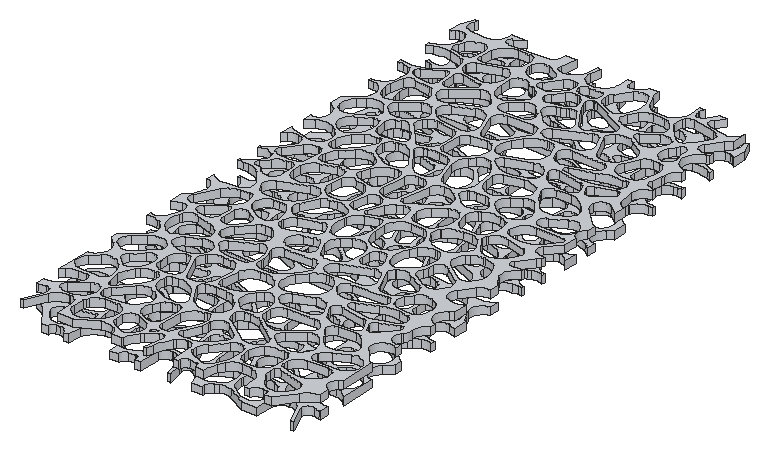
Revit family "Fam4", category Generic Models, Revit 2021 (continued)
Forms (mm)
  Extrusion 2, solid, material <- "Material"
    sketch origin (-50371.083, 4143.12, 500) x (-1, 0, 0) y (0, -1, 0)
      loop
        arc (-54717.318, -2759.906) -> (-54414.376, -2945.549) -> (-54442.253, -3299.753) r 340
        line (-54442.253, -3299.753) -> (-54743.005, -3713.703)
        arc (-54743.005, -3713.703) -> (-54909.763, -3846.555) -> (-55121.083, -3874.863) r 400
        line (-55121.083, -3874.863) -> (-55121.083, -4167.387)
        arc (-55121.083, -4167.387) -> (-55056.138, -4233.5) -> (-55000.785, -4307.83) r 680
        line (-55000.785, -4307.83) -> (-54870.035, -4510.968)
        arc (-54870.035, -4510.968) -> (-54828.629, -4905.176) -> (-55121.083, -5172.729) r 440
        line (-55121.083, -5172.729) -> (-55121.083, -5249.753) -> (-54804.166, -5193.872)
        arc (-54804.166, -5193.872) -> (-54639.959, -5267.842) -> (-54648.6, -5447.732) r 160
        line (-54648.6, -5447.732) -> (-54991.292, -5902.5)
        arc (-54991.292, -5902.5) -> (-55050.443, -5966.625) -> (-55121.083, -6017.819) r 440
        line (-55121.083, -6017.819) -> (-55121.083, -6112.165)
        arc (-55121.083, -6112.165) -> (-55057.66, -6111.765) -> (-54995.054, -6121.92) r 380
        line (-54995.054, -6121.92) -> (-54870.219, -6153.045)
        arc (-54870.219, -6153.045) -> (-54700.027, -6311.752) -> (-54744.43, -6540.185) r 240
        line (-54744.43, -6540.185) -> (-55121.083, -6989.063) -> (-55121.083, -7418.219)
        arc (-55121.083, -7418.219) -> (-54984.611, -7669.732) -> (-55121.083, -7921.245) r 300
        line (-55121.083, -7921.245) -> (-55121.083, -8214.911)
        arc (-55121.083, -8214.911) -> (-55041.862, -8244.788) -> (-54974.144, -8295.61) r 300
        line (-54974.144, -8295.61) -> (-54478.763, -8790.991)
        arc (-54478.763, -8790.991) -> (-54376.313, -8939.457) -> (-54333.213, -9114.615) r 500
        arc (-54333.213, -9114.615) -> (-54469.82, -9359.283) -> (-54749.218, -9337.824) r 260
        line (-54749.218, -9337.824) -> (-55121.083, -9057.603) -> (-55121.083, -9476.657)
        arc (-55121.083, -9476.657) -> (-54958.516, -9509.957) -> (-54865.457, -9647.351) r 220
        line (-54865.457, -9647.351) -> (-54753.946, -10174.082)
        arc (-54753.946, -10174.082) -> (-54829.039, -10490.247) -> (-55121.083, -10632.757) r 380
        line (-55121.083, -10632.757) -> (-55121.083, -10732.785) -> (-55014.369, -10732.785)
        arc (-55014.369, -10732.785) -> (-54829.179, -10820.126) -> (-54778.778, -11018.579) r 240
        line (-54778.778, -11018.579) -> (-54847.473, -11371.985)
        arc (-54847.473, -11371.985) -> (-54855.819, -11430.932) -> (-54858.078, -11490.425) r 580
        arc (-54858.078, -11490.425) -> (-54929.27, -11717.01) -> (-55121.083, -11857.07) r 380
        line (-55121.083, -11857.07) -> (-55121.083, -11995.258)
        arc (-55121.083, -11995.258) -> (-54649.518, -12448.551) -> (-54994.323, -13004.391) r 520
        line (-54994.323, -13004.391) -> (-55121.083, -13048.571) -> (-55121.083, -13154.471) -> (-54886.686, -13072.776)
        arc (-54886.686, -13072.776) -> (-54639.322, -13147.143) -> (-54633.138, -13405.369) r 220
        line (-54633.138, -13405.369) -> (-54934.605, -13842.762)
        arc (-54934.605, -13842.762) -> (-55019.016, -13942.986) -> (-55121.083, -14025.159) r 680
        line (-55121.083, -14025.159) -> (-55121.083, -14481.957) -> (-55035.596, -14298.628)
        arc (-55035.596, -14298.628) -> (-54908.947, -14167.479) -> (-54728.403, -14142.106) r 280
        line (-54728.403, -14142.106) -> (-54135.76, -14257.304)
        arc (-54135.76, -14257.304) -> (-53987.838, -14380.329) -> (-54012.118, -14571.186) r 200
        line (-54012.118, -14571.186) -> (-54222.279, -14860.448) -> (-53989.265, -14860.448)
        arc (-53989.265, -14860.448) -> (-53983.72, -14849.728) -> (-53977.126, -14839.619) r 120
        line (-53977.126, -14839.619) -> (-53716.677, -14481.142)
        arc (-53716.677, -14481.142) -> (-53593.863, -14423.759) -> (-53480.004, -14497.327) r 140
        arc (-53480.004, -14497.327) -> (-53457.699, -14550.829) -> (-53446.099, -14607.622) r 300
        line (-53446.099, -14607.622) -> (-53438.838, -14676.704)
        arc (-53438.838, -14676.704) -> (-53442.971, -14771.248) -> (-53474.575, -14860.448) r 320
        line (-53474.575, -14860.448) -> (-53318.975, -14860.448) -> (-53337.451, -14684.663)
        arc (-53337.451, -14684.663) -> (-53341.388, -14488.556) -> (-53312.227, -14294.589) r 1160
        arc (-53312.227, -14294.589) -> (-53143.047, -14032.229) -> (-52846.749, -13933.935) r 469.549
        line (-52846.749, -13933.935) -> (-52580.89, -13938.869)
        arc (-52580.89, -13938.869) -> (-52369.036, -14000.808) -> (-52217.845, -14161.618) r 420
        line (-52217.845, -14161.618) -> (-52039.414, -14497.198)
        arc (-52039.414, -14497.198) -> (-51968.448, -14673.338) -> (-51936.021, -14860.448) r 900
        line (-51936.021, -14860.448) -> (-51661.655, -14860.448)
        arc (-51661.655, -14860.448) -> (-51636.822, -14784.124) -> (-51581.281, -14726.182) r 180
        line (-51581.281, -14726.182) -> (-51322.376, -14555.921)
        arc (-51322.376, -14555.921) -> (-51179.004, -14549.668) -> (-51105.452, -14672.894) r 140
        line (-51105.452, -14672.894) -> (-51105.452, -14860.448) -> (-50916.657, -14860.448) -> (-50916.657, -14518.201)
        arc (-50916.657, -14518.201) -> (-50770.21, -14164.648) -> (-50416.657, -14018.201) r 500
        line (-50416.657, -14018.201) -> (-50344.853, -14018.201)
        arc (-50344.853, -14018.201) -> (-50037.031, -14162.768) -> (-49951.714, -14491.971) r 400
        line (-49951.714, -14491.971) -> (-50020.857, -14860.448) -> (-49919.111, -14860.448) -> (-49857.197, -14530.489)
        arc (-49857.197, -14530.489) -> (-49671.294, -14214.52) -> (-49326.459, -14090.079) r 540
        line (-49326.459, -14090.079) -> (-49286.111, -14090.079)
        arc (-49286.111, -14090.079) -> (-49148.684, -14153.83) -> (-49108.603, -14299.926) r 180
        line (-49108.603, -14299.926) -> (-49202.851, -14860.448) -> (-48844.274, -14860.448) -> (-48844.274, -14698.406)
        arc (-48844.274, -14698.406) -> (-48772.44, -14518.98) -> (-48596.631, -14438.699) r 260
        line (-48596.631, -14438.699) -> (-47304.293, -14377.213)
        arc (-47304.293, -14377.213) -> (-47142.781, -14493.301) -> (-47219.119, -14676.972) r 160
        line (-47219.119, -14676.972) -> (-47550.119, -14860.448) -> (-47039.703, -14860.448) -> (-47039.703, -14669.304)
        arc (-47039.703, -14669.304) -> (-46934.261, -14414.745) -> (-46679.703, -14309.304) r 360
        line (-46679.703, -14309.304) -> (-46121.817, -14309.304)
        arc (-46121.817, -14309.304) -> (-45868.8, -14448.114) -> (-45849.925, -14736.089) r 300
        line (-45849.925, -14736.089) -> (-45907.914, -14860.448) -> (-45797.577, -14860.448) -> (-45621.083, -14481.957) -> (-45621.083, -14025.159)
        arc (-45621.083, -14025.159) -> (-45683.991, -14061.829) -> (-45750.46, -14091.563) r 680
      loop
        arc (-46843.388, -11467.071) -> (-47061.082, -11536.816) -> (-47139.56, -11751.516) r 260
        line (-47139.56, -11751.516) -> (-47097.032, -12156.143)
        arc (-47097.032, -12156.143) -> (-47020.948, -12266.458) -> (-46887.005, -12262.29) r 140
        line (-46887.005, -12262.29) -> (-46318.956, -11929.335)
        arc (-46318.956, -11929.335) -> (-46247.637, -11840.566) -> (-46253.421, -11726.843) r 160
        line (-46253.421, -11726.843) -> (-46268.169, -11693.337)
        arc (-46268.169, -11693.337) -> (-46361.04, -11575.483) -> (-46499.368, -11517.345) r 300
        line (-46499.368, -11517.345) -> (-46843.388, -11467.071)
      loop
        arc (-48065.558, -12028.044) -> (-48119.098, -12175.222) -> (-48002.657, -12279.957) r 140
        line (-48002.657, -12279.957) -> (-47375.04, -12367.725)
        arc (-47375.04, -12367.725) -> (-47241.696, -12324.323) -> (-47193.757, -12192.542) r 160
        line (-47193.757, -12192.542) -> (-47239.081, -11761.312)
        arc (-47239.081, -11761.312) -> (-47344.883, -11615.689) -> (-47523.897, -11634.504) r 180
        line (-47523.897, -11634.504) -> (-48065.558, -12028.044)
      loop
        arc (-46274.435, -10382.028) -> (-46504.068, -10144.125) -> (-46830.946, -10193.923) r 360
        line (-46830.946, -10193.923) -> (-47334.424, -10559.721)
        arc (-47334.424, -10559.721) -> (-47480.138, -10807.094) -> (-47398.598, -11082.371) r 360
        line (-47398.598, -11082.371) -> (-47273.453, -11231.513)
        arc (-47273.453, -11231.513) -> (-47195.378, -11296.052) -> (-47099.449, -11328.589) r 280
        line (-47099.449, -11328.589) -> (-46563.774, -11406.871)
        arc (-46563.774, -11406.871) -> (-46391.407, -11365.987) -> (-46294.042, -11217.994) r 240
        line (-46294.042, -11217.994) -> (-46207.852, -10801.193)
        arc (-46207.852, -10801.193) -> (-46198.556, -10685.657) -> (-46217.818, -10571.36) r 470
        line (-46217.818, -10571.36) -> (-46274.435, -10382.028)
      loop
        arc (-47546.682, -11527.452) -> (-47433.349, -11335.051) -> (-47496.769, -11120.947) r 280
        line (-47496.769, -11120.947) -> (-47599.004, -10999.108)
        arc (-47599.004, -10999.108) -> (-47749.663, -10906.462) -> (-47925.791, -10922.593) r 280
        line (-47925.791, -10922.593) -> (-48785.506, -11298.98)
        arc (-48785.506, -11298.98) -> (-48934.385, -11477.881) -> (-48880.403, -11704.279) r 260
        line (-48880.403, -11704.279) -> (-48647.267, -11982.12)
        arc (-48647.267, -11982.12) -> (-48454.014, -12087.048) -> (-48241.118, -12031.989) r 300
        line (-48241.118, -12031.989) -> (-47546.682, -11527.452)
      loop
        arc (-48934.099, -13144.946) -> (-48643.05, -13154.024) -> (-48501.326, -12899.649) r 280
        line (-48501.326, -12899.649) -> (-48514.797, -12550.112)
        arc (-48514.797, -12550.112) -> (-48566.532, -12299.308) -> (-48696.704, -12078.776) r 780
        line (-48696.704, -12078.776) -> (-48700.782, -12073.916)
        arc (-48700.782, -12073.916) -> (-48931.604, -11953.757) -> (-49179.785, -12032.008) r 340
        line (-49179.785, -12032.008) -> (-49417.056, -12231.103)
        arc (-49417.056, -12231.103) -> (-49564.978, -12657.918) -> (-49258.897, -12990.132) r 440
        line (-49258.897, -12990.132) -> (-49212.038, -13003.976)
        arc (-49212.038, -13003.976) -> (-49102.611, -13045.159) -> (-49000.303, -13101.759) r 805
        line (-49000.303, -13101.759) -> (-48934.099, -13144.946)
      loop
        arc (-49991.175, -12189.181) -> (-49777.067, -12288.872) -> (-49552.891, -12214.54) r 320
        line (-49552.891, -12214.54) -> (-49224.004, -11938.571)
        arc (-49224.004, -11938.571) -> (-49148.991, -11644.693) -> (-49403.485, -11479.694) r 260
        line (-49403.485, -11479.694) -> (-50042.109, -11510.078)
        arc (-50042.109, -11510.078) -> (-50270.906, -11672.599) -> (-50218.734, -11948.351) r 260
        line (-50218.734, -11948.351) -> (-49991.175, -12189.181)
      loop
        arc (-48466.589, -13800.968) -> (-48526.062, -13591.856) -> (-48674.923, -13433.41) r 460
        line (-48674.923, -13433.41) -> (-48690.962, -13422.947)
        arc (-48690.962, -13422.947) -> (-48989.328, -13360.407) -> (-49251.398, -13516.14) r 420
        line (-49251.398, -13516.14) -> (-49313.712, -13595.899)
        arc (-49313.712, -13595.899) -> (-49359.97, -13823.264) -> (-49206.227, -13997.039) r 260
        line (-49206.227, -13997.039) -> (-48848.567, -14141.542)
        arc (-48848.567, -14141.542) -> (-48582.661, -14111.003) -> (-48463.885, -13871.148) r 280
        line (-48463.885, -13871.148) -> (-48466.589, -13800.968)
      loop
        arc (-50940.524, -13797.813) -> (-50905.514, -13882.917) -> (-50820.524, -13918.201) r 120
        line (-50820.524, -13918.201) -> (-50374.041, -13918.201)
        arc (-50374.041, -13918.201) -> (-50240.275, -13858.645) -> (-50195.027, -13719.386) r 180
        line (-50195.027, -13719.386) -> (-50197.567, -13695.22)
        arc (-50197.567, -13695.22) -> (-50253.169, -13570.676) -> (-50371.493, -13502.84) r 220
        line (-50371.493, -13502.84) -> (-50546.042, -13466.476)
        arc (-50546.042, -13466.476) -> (-50666.842, -13456.622) -> (-50786.365, -13476.718) r 490
        line (-50786.365, -13476.718) -> (-50797.415, -13480.023)
        arc (-50797.415, -13480.023) -> (-50900.327, -13551.923) -> (-50940.114, -13670.992) r 200
        line (-50940.114, -13670.992) -> (-50940.524, -13797.813)
      loop
        arc (-50016.803, -13387.003) -> (-50086.316, -13518.509) -> (-50100.022, -13666.624) r 380
        line (-50100.022, -13666.624) -> (-50090.522, -13757.016)
        arc (-50090.522, -13757.016) -> (-50031.951, -13871.967) -> (-49911.508, -13918.201) r 180
        line (-49911.508, -13918.201) -> (-49838.743, -13918.201)
        arc (-49838.743, -13918.201) -> (-49707.232, -13887.839) -> (-49602.34, -13802.9) r 300
        line (-49602.34, -13802.9) -> (-49251.087, -13353.316)
        arc (-49251.087, -13353.316) -> (-49221.517, -13187.561) -> (-49341.929, -13069.874) r 180
        line (-49341.929, -13069.874) -> (-49422.444, -13046.086)
        arc (-49422.444, -13046.086) -> (-49654.038, -13047.577) -> (-49845.987, -13177.168) r 400
        line (-49845.987, -13177.168) -> (-50016.803, -13387.003)
      loop
        arc (-50629.34, -12660.704) -> (-50562.628, -12622.666) -> (-50490.05, -12597.571) r 415
        line (-50490.05, -12597.571) -> (-50350.699, -12563.433)
        arc (-50350.699, -12563.433) -> (-50148.754, -12370.666) -> (-50213.804, -12099.172) r 280
        line (-50213.804, -12099.172) -> (-50458.032, -11840.7)
        arc (-50458.032, -11840.7) -> (-50753.074, -11680.438) -> (-51085.793, -11725.513) r 540
        line (-51085.793, -11725.513) -> (-51258.123, -11808.924)
        arc (-51258.123, -11808.924) -> (-51375.185, -11951.544) -> (-51342.489, -12133.135) r 220
        line (-51342.489, -12133.135) -> (-50989.048, -12637.9)
        arc (-50989.048, -12637.9) -> (-50843.81, -12730.427) -> (-50675.685, -12693.155) r 225
        line (-50675.685, -12693.155) -> (-50629.34, -12660.704)
      loop
        arc (-50863.377, -13046.355) -> (-50923.407, -12919.693) -> (-50997.239, -12800.547) r 1250
        line (-50997.239, -12800.547) -> (-51435.344, -12174.869)
        arc (-51435.344, -12174.869) -> (-51605.539, -12056.611) -> (-51811.79, -12076.91) r 300
        line (-51811.79, -12076.91) -> (-52013.069, -12174.334)
        arc (-52013.069, -12174.334) -> (-52174.137, -12269.668) -> (-52317.079, -12390.493) r 1120
        line (-52317.079, -12390.493) -> (-52322.593, -12396.008)
        arc (-52322.593, -12396.008) -> (-52395.18, -12622.768) -> (-52252.722, -12813.542) r 260
        line (-52252.722, -12813.542) -> (-51044.785, -13402.692)
        arc (-51044.785, -13402.692) -> (-50984.119, -13419.331) -> (-50921.556, -13412.771) r 170
        line (-50921.556, -13412.771) -> (-50905.502, -13407.97)
        arc (-50905.502, -13407.97) -> (-50807.054, -13323.82) -> (-50803.144, -13194.368) r 160
        line (-50803.144, -13194.368) -> (-50863.377, -13046.355)
      loop
        arc (-52060.235, -13377.029) -> (-52032.404, -13138.871) -> (-52187.953, -12956.392) r 300
        line (-52187.953, -12956.392) -> (-52231.558, -12935.124)
        arc (-52231.558, -12935.124) -> (-52653.483, -12851.829) -> (-53061.334, -12988.273) r 840
        line (-53061.334, -12988.273) -> (-53284.834, -13135.251)
        arc (-53284.834, -13135.251) -> (-53415.13, -13332.086) -> (-53362.702, -13562.244) r 300
        line (-53362.702, -13562.244) -> (-53298.441, -13650.692)
        arc (-53298.441, -13650.692) -> (-53145.858, -13782.239) -> (-52950.637, -13831.99) r 440
        line (-52950.637, -13831.99) -> (-52566.773, -13839.114)
        arc (-52566.773, -13839.114) -> (-52363.244, -13787.811) -> (-52213.713, -13640.514) r 400
        line (-52213.713, -13640.514) -> (-52060.235, -13377.029)
      loop
        arc (-51040.385, -13754.779) -> (-51097.8, -13552.702) -> (-51253.802, -13412.008) r 380
        line (-51253.802, -13412.008) -> (-51573.784, -13255.942)
        arc (-51573.784, -13255.942) -> (-51777.877, -13239.682) -> (-51938.475, -13366.673) r 280
        line (-51938.475, -13366.673) -> (-52027.681, -13519.818)
        arc (-52027.681, -13519.818) -> (-52133.54, -13897.301) -> (-52042.386, -14278.603) r 780
        line (-52042.386, -14278.603) -> (-51986.344, -14384.002)
        arc (-51986.344, -14384.002) -> (-51715.775, -14563.088) -> (-51418.218, -14433.706) r 340
        line (-51418.218, -14433.706) -> (-51097.956, -14023.789)
        arc (-51097.956, -14023.789) -> (-51055.571, -13945.877) -> (-51040.72, -13858.434) r 270
        line (-51040.72, -13858.434) -> (-51040.385, -13754.779)
      loop
        arc (-53916.472, -13125.766) -> (-54051.814, -13083.741) -> (-54181.026, -13141.947) r 200
        line (-54181.026, -13141.947) -> (-54231.633, -13192.554)
        arc (-54231.633, -13192.554) -> (-54314.096, -13282.881) -> (-54388.013, -13380.326) r 1345
        line (-54388.013, -13380.326) -> (-54627.269, -13727.459)
        arc (-54627.269, -13727.459) -> (-54656.592, -13839.377) -> (-54607.503, -13944.142) r 170
        line (-54607.503, -13944.142) -> (-54536.882, -14014.764)
        arc (-54536.882, -14014.764) -> (-54451.333, -14078.066) -> (-54351.014, -14113.591) r 360
        line (-54351.014, -14113.591) -> (-53602.211, -14259.144)
        arc (-53602.211, -14259.144) -> (-53474.81, -14241.805) -> (-53384.29, -14150.492) r 200
        line (-53384.29, -14150.492) -> (-53353.693, -14087.758)
        arc (-53353.693, -14087.758) -> (-53316.681, -13888.058) -> (-53387.808, -13697.819) r 380
        line (-53387.808, -13697.819) -> (-53548.453, -13476.71)
        arc (-53548.453, -13476.71) -> (-53664.136, -13338.844) -> (-53797.881, -13218.419) r 1290
        line (-53797.881, -13218.419) -> (-53916.472, -13125.766)
      loop
        arc (-52949.018, -12794.726) -> (-52885.993, -12673.955) -> (-52955.476, -12556.779) r 140
        line (-52955.476, -12556.779) -> (-53220.219, -12402.568)
        arc (-53220.219, -12402.568) -> (-53523.591, -12361.44) -> (-53767.189, -12546.875) r 400
        line (-53767.189, -12546.875) -> (-53889.398, -12756.679)
        arc (-53889.398, -12756.679) -> (-53917.694, -12922.818) -> (-53829.774, -13066.6) r 240
        line (-53829.774, -13066.6) -> (-53819.773, -13074.414)
        arc (-53819.773, -13074.414) -> (-53612.803, -13150.431) -> (-53400.33, -13091.518) r 360
        line (-53400.33, -13091.518) -> (-52949.018, -12794.726)
      loop
        arc (-53032.85, -12395.982) -> (-52750.867, -12469.274) -> (-52471.848, -12385.398) r 540
        arc (-52471.848, -12385.398) -> (-52351.107, -12220.506) -> (-52374.581, -12017.487) r 280
        line (-52374.581, -12017.487) -> (-52783.473, -11248.473)
        arc (-52783.473, -11248.473) -> (-52886.488, -11139.918) -> (-53030.698, -11099.925) r 280
        line (-53030.698, -11099.925) -> (-53103.35, -11099.925)
        arc (-53103.35, -11099.925) -> (-53347.112, -11169.823) -> (-53516.795, -11358.274) r 460
        line (-53516.795, -11358.274) -> (-53624.697, -11579.506)
        arc (-53624.697, -11579.506) -> (-53650.249, -11900.223) -> (-53450.692, -12152.592) r 440
        line (-53450.692, -12152.592) -> (-53032.85, -12395.982)
      loop
        arc (-50994.611, -11570.281) -> (-50872.223, -11400.061) -> (-50948.023, -11204.591) r 220
        arc (-50948.023, -11204.591) -> (-51081.149, -11126.919) -> (-51232.894, -11099.925) r 440
        line (-51232.894, -11099.925) -> (-52116.774, -11099.925)
        arc (-52116.774, -11099.925) -> (-52442.498, -11284.21) -> (-52452.294, -11658.324) r 380
        line (-52452.294, -11658.324) -> (-52308.685, -11928.413)
        arc (-52308.685, -11928.413) -> (-52159.835, -12053.504) -> (-51965.845, -12040.378) r 260
        line (-51965.845, -12040.378) -> (-50994.611, -11570.281)
      loop
        arc (-50775.152, -11239.457) -> (-50650.702, -11382.628) -> (-50467.059, -11430.183) r 320
        line (-50467.059, -11430.183) -> (-49643.494, -11391)
        arc (-49643.494, -11391) -> (-49422.298, -11264.316) -> (-49395.453, -11010.829) r 280
        line (-49395.453, -11010.829) -> (-49684.02, -10260.32)
        arc (-49684.02, -10260.32) -> (-49787.144, -10139.121) -> (-49943.417, -10109.074) r 240
        line (-49943.417, -10109.074) -> (-50022.735, -10120.898)
        arc (-50022.735, -10120.898) -> (-50242.543, -10203.429) -> (-50409.198, -10368.817) r 560
        line (-50409.198, -10368.817) -> (-50773.687, -10927.567)
        arc (-50773.687, -10927.567) -> (-50818.239, -11057.7) -> (-50795.447, -11193.346) r 280
        line (-50795.447, -11193.346) -> (-50775.152, -11239.457)
      loop
        arc (-49121.907, -10045.104) -> (-49432.968, -10172.071) -> (-49483.079, -10504.288) r 340
        line (-49483.079, -10504.288) -> (-49314.731, -10942.128)
        arc (-49314.731, -10942.128) -> (-49084.535, -11178.97) -> (-48754.268, -11176.141) r 420
        line (-48754.268, -11176.141) -> (-48160.793, -10916.314)
        arc (-48160.793, -10916.314) -> (-47980.292, -10706.959) -> (-48030.244, -10435.085) r 320
        line (-48030.244, -10435.085) -> (-48097.678, -10342.271)
        arc (-48097.678, -10342.271) -> (-48252.864, -10200.808) -> (-48451.346, -10132.257) r 520
        line (-48451.346, -10132.257) -> (-49121.907, -10045.104)
      loop
        arc (-46982.307, -10180.287) -> (-46877.07, -10001.628) -> (-46935.96, -9802.817) r 260
        line (-46935.96, -9802.817) -> (-47024.909, -9696.812)
        arc (-47024.909, -9696.812) -> (-47301.022, -9534.169) -> (-47617.957, -9581.535) r 480
        line (-47617.957, -9581.535) -> (-47656.763, -9602.169)
        arc (-47656.763, -9602.169) -> (-47804.34, -9702.65) -> (-47926.672, -9832.69) r 820
        line (-47926.672, -9832.69) -> (-48014.608, -9949.383)
        arc (-48014.608, -9949.383) -> (-48070.981, -10115.448) -> (-48017.517, -10282.473) r 280
        line (-48017.517, -10282.473) -> (-47896.545, -10448.977)
        arc (-47896.545, -10448.977) -> (-47687.718, -10576.946) -> (-47449.568, -10519.771) r 320
        line (-47449.568, -10519.771) -> (-46982.307, -10180.287)
      loop
        arc (-46001.78, -9641.468) -> (-45848.041, -9377.406) -> (-45876.663, -9073.192) r 500
        arc (-45876.663, -9073.192) -> (-46076.219, -8886.288) -> (-46348.868, -8906.749) r 340
        line (-46348.868, -8906.749) -> (-46879.193, -9188.728)
        arc (-46879.193, -9188.728) -> (-47022.597, -9382.526) -> (-46962.234, -9615.933) r 280
        line (-46962.234, -9615.933) -> (-46842.865, -9758.191)
        arc (-46842.865, -9758.191) -> (-46522.573, -9921.388) -> (-46182.685, -9804.355) r 460
        line (-46182.685, -9804.355) -> (-46001.78, -9641.468)
      loop
        arc (-46597.52, -8925.702) -> (-46353.935, -8540.083) -> (-46562.152, -8134.273) r 460
        line (-46562.152, -8134.273) -> (-46604.418, -8106.701)
        arc (-46604.418, -8106.701) -> (-46851.368, -8047.012) -> (-47080.735, -8156.27) r 380
        line (-47080.735, -8156.27) -> (-47110.819, -8186.353)
        arc (-47110.819, -8186.353) -> (-47297, -8499.151) -> (-47311.514, -8862.876) r 740
        line (-47311.514, -8862.876) -> (-47287.838, -8974.711)
        arc (-47287.838, -8974.711) -> (-47165.666, -9128.496) -> (-46969.325, -9123.394) r 220
        line (-46969.325, -9123.394) -> (-46597.52, -8925.702)
      loop
        arc (-47492.039, -9401.326) -> (-47378.506, -9281.737) -> (-47359.739, -9117.911) r 260
        line (-47359.739, -9117.911) -> (-47442.705, -8726.014)
        arc (-47442.705, -8726.014) -> (-47540.335, -8566.477) -> (-47716.633, -8504.005) r 280
        line (-47716.633, -8504.005) -> (-47799.461, -8504.005)
        arc (-47799.461, -8504.005) -> (-48019.523, -8520.02) -> (-48234.947, -8567.725) r 1520
        line (-48234.947, -8567.725) -> (-48338.182, -8598.597)
        arc (-48338.182, -8598.597) -> (-48459.041, -8719.399) -> (-48424.499, -8886.753) r 180
        line (-48424.499, -8886.753) -> (-47994.41, -9399.313)
        arc (-47994.41, -9399.313) -> (-47821.839, -9500.965) -> (-47623.755, -9471.361) r 300
        line (-47623.755, -9471.361) -> (-47492.039, -9401.326)
      loop
        arc (-48603.4, -8829.119) -> (-48718.382, -8753.481) -> (-48856.012, -8753.449) r 240
        line (-48856.012, -8753.449) -> (-48988.077, -8792.941)
        arc (-48988.077, -8792.941) -> (-49168.849, -8916.506) -> (-49244.585, -9121.958) r 360
        line (-49244.585, -9121.958) -> (-49265.418, -9593.434)
        arc (-49265.418, -9593.434) -> (-49181.414, -9840.885) -> (-48952.168, -9966.324) r 360
        line (-48952.168, -9966.324) -> (-48385.535, -10039.969)
        arc (-48385.535, -10039.969) -> (-48240.956, -10020.432) -> (-48125.831, -9930.815) r 280
        line (-48125.831, -9930.815) -> (-48048.439, -9828.115)
        arc (-48048.439, -9828.115) -> (-47992.151, -9652.276) -> (-48057.562, -9479.623) r 280
        line (-48057.562, -9479.623) -> (-48603.4, -8829.119)
      loop
        arc (-49343.376, -9092.4) -> (-49399.379, -8927.433) -> (-49552.21, -8843.808) r 240
        line (-49552.21, -8843.808) -> (-49776.093, -8814.709)
        arc (-49776.093, -8814.709) -> (-49953.247, -8836.292) -> (-50098.267, -8940.303) r 360
        line (-50098.267, -8940.303) -> (-50399.064, -9298.779)
        arc (-50399.064, -9298.779) -> (-50490.704, -9516.517) -> (-50443.502, -9747.989) r 400
        line (-50443.502, -9747.989) -> (-50381.329, -9861.547)
        arc (-50381.329, -9861.547) -> (-50242.979, -9994.473) -> (-50053.464, -10024.374) r 320
        line (-50053.464, -10024.374) -> (-49559.467, -9950.735)
        arc (-49559.467, -9950.735) -> (-49428.478, -9880.422) -> (-49372.118, -9742.852) r 220
        line (-49372.118, -9742.852) -> (-49343.376, -9092.4)
      loop
        arc (-50540.345, -9779.339) -> (-50689.564, -9650.916) -> (-50886.431, -9652.458) r 280
        line (-50886.431, -9652.458) -> (-51509.202, -9891.911)
        arc (-51509.202, -9891.911) -> (-51806.167, -10186.096) -> (-51790.639, -10603.818) r 520
        line (-51790.639, -10603.818) -> (-51697.249, -10796.766)
        arc (-51697.249, -10796.766) -> (-51564.44, -10944.935) -> (-51373.21, -10999.925) r 360
        line (-51373.21, -10999.925) -> (-51308.591, -10999.925)
        arc (-51308.591, -10999.925) -> (-50984.736, -10917.853) -> (-50739.056, -10691.449) r 680
        line (-50739.056, -10691.449) -> (-50555.779, -10410.49)
        arc (-50555.779, -10410.49) -> (-50458.755, -10105.795) -> (-50532.026, -9794.533) r 600
        line (-50532.026, -9794.533) -> (-50540.345, -9779.339)
      loop
        arc (-53284.698, -10574.58) -> (-53422.049, -10820.076) -> (-53205.744, -10999.925) r 220
        line (-53205.744, -10999.925) -> (-52124.714, -10999.925)
        arc (-52124.714, -10999.925) -> (-51904.428, -10878.035) -> (-51890.686, -10626.651) r 260
        line (-51890.686, -10626.651) -> (-51962.389, -10478.51)
        arc (-51962.389, -10478.51) -> (-52186.024, -10270.905) -> (-52491.164, -10269.47) r 420
        line (-52491.164, -10269.47) -> (-53284.698, -10574.58)
      loop
        arc (-54106.355, -10627.777) -> (-53708.492, -10591.163) -> (-53323.993, -10482.552) r 2180
        line (-53323.993, -10482.552) -> (-52635.83, -10217.957)
        arc (-52635.83, -10217.957) -> (-52572.22, -10114.611) -> (-52655.137, -10026.003) r 100
        line (-52655.137, -10026.003) -> (-53089.882, -9952.903)
        arc (-53089.882, -9952.903) -> (-53499.87, -9931.443) -> (-53904.057, -10003.443) r 1800
        line (-53904.057, -10003.443) -> (-54301.128, -10122.183)
        arc (-54301.128, -10122.183) -> (-54405.69, -10190.438) -> (-54456.262, -10304.606) r 220
        line (-54456.262, -10304.606) -> (-54463.052, -10356.844)
        arc (-54463.052, -10356.844) -> (-54405.364, -10546.169) -> (-54225.053, -10627.777) r 240
        line (-54225.053, -10627.777) -> (-54106.355, -10627.777)
      loop
        arc (-50983.377, -9582.596) -> (-50871.898, -9451.963) -> (-50920.696, -9287.308) r 180
        line (-50920.696, -9287.308) -> (-50958.634, -9249.37)
        arc (-50958.634, -9249.37) -> (-51335.221, -9029.233) -> (-51771.374, -9022.181) r 860
        line (-51771.374, -9022.181) -> (-52105.762, -9104.098)
        arc (-52105.762, -9104.098) -> (-52337.998, -9301.87) -> (-52318.189, -9606.262) r 340
        line (-52318.189, -9606.262) -> (-52272.889, -9683.547)
        arc (-52272.889, -9683.547) -> (-52038.689, -9876.332) -> (-51735.383, -9871.739) r 440
        line (-51735.383, -9871.739) -> (-50983.377, -9582.596)
      loop
        arc (-54618.172, -11263.864) -> (-54635.79, -11453.184) -> (-54615.75, -11642.262) r 960
        arc (-54615.75, -11642.262) -> (-54509.829, -11820.886) -> (-54316.563, -11896.877) r 320
        line (-54316.563, -11896.877) -> (-54109.449, -11906.029)
        arc (-54109.449, -11906.029) -> (-53931.782, -11861.394) -> (-53807.709, -11726.619) r 320
        line (-53807.709, -11726.619) -> (-53615.188, -11331.893)
        arc (-53615.188, -11331.893) -> (-53636.501, -10925.211) -> (-53992.682, -10727.777) r 420
        line (-53992.682, -10727.777) -> (-54184.232, -10727.777)
        arc (-54184.232, -10727.777) -> (-54438.664, -10819.127) -> (-54576.883, -11051.453) r 400
        line (-54576.883, -11051.453) -> (-54618.172, -11263.864)
      loop
        arc (-54534.665, -9767.322) -> (-54572.663, -9965.803) -> (-54385.979, -10043.181) r 160
        line (-54385.979, -10043.181) -> (-53783.934, -9863.146)
        arc (-53783.934, -9863.146) -> (-53680.11, -9766.426) -> (-53693.996, -9625.213) r 160
        line (-53693.996, -9625.213) -> (-53802.702, -9450.828)
        arc (-53802.702, -9450.828) -> (-53941.033, -9359.108) -> (-54100.984, -9403.419) r 200
        line (-54100.984, -9403.419) -> (-54534.665, -9767.322)
      loop
        arc (-52540.707, -9943.84) -> (-52382.45, -9876.873) -> (-52376.141, -9705.147) r 160
        line (-52376.141, -9705.147) -> (-52492.354, -9506.877)
        arc (-52492.354, -9506.877) -> (-52697.073, -9304.164) -> (-52975.48, -9230.055) r 560
        line (-52975.48, -9230.055) -> (-53462.136, -9230.055)
        arc (-53462.136, -9230.055) -> (-53637.007, -9332.999) -> (-53631.86, -9535.856) r 200
        line (-53631.86, -9535.856) -> (-53547.036, -9671.929)
        arc (-53547.036, -9671.929) -> (-53459.353, -9762.514) -> (-53342.195, -9809.075) r 300
        line (-53342.195, -9809.075) -> (-52540.707, -9943.84)
      loop
        arc (-51532.768, -8860.772) -> (-51403.455, -8771.186) -> (-51367.027, -8618.148) r 220
        line (-51367.027, -8618.148) -> (-51410.668, -8289.297)
        arc (-51410.668, -8289.297) -> (-51713.368, -7893.807) -> (-52207.509, -7955.968) r 500
        line (-52207.509, -7955.968) -> (-52618.69, -8266.265)
        arc (-52618.69, -8266.265) -> (-52777.449, -8600.817) -> (-52593.634, -8922.285) r 400
        arc (-52593.634, -8922.285) -> (-52360.798, -9011.933) -> (-52111.477, -9002.541) r 620
        line (-52111.477, -9002.541) -> (-51532.768, -8860.772)
      loop
        arc (-53260.26, -8199.258) -> (-53623.711, -7986.77) -> (-54039.086, -8055.41) r 620
        line (-54039.086, -8055.41) -> (-54195.523, -8142.951)
        arc (-54195.523, -8142.951) -> (-54386.365, -8422.434) -> (-54278.657, -8743.261) r 380
        line (-54278.657, -8743.261) -> (-54114.463, -8907.456)
        arc (-54114.463, -8907.456) -> (-53867.901, -9072.203) -> (-53577.061, -9130.055) r 760
        line (-53577.061, -9130.055) -> (-53088.511, -9130.055)
        arc (-53088.511, -9130.055) -> (-52885.17, -9017.541) -> (-52872.485, -8785.494) r 240
        line (-52872.485, -8785.494) -> (-52960.579, -8603.49)
        arc (-52960.579, -8603.49) -> (-53018.643, -8500.151) -> (-53088.879, -8404.665) r 970
        line (-53088.879, -8404.665) -> (-53260.26, -8199.258)
      loop
        arc (-52983.084, -7142.413) -> (-53294.308, -7193.606) -> (-53471.682, -7454.411) r 400
        line (-53471.682, -7454.411) -> (-53484.651, -7521.128)
        arc (-53484.651, -7521.128) -> (-53478.873, -7714.656) -> (-53390.583, -7886.967) r 440
        line (-53390.583, -7886.967) -> (-53157.521, -8166.302)
        arc (-53157.521, -8166.302) -> (-52948.371, -8279.201) -> (-52719.054, -8216.725) r 320
        line (-52719.054, -8216.725) -> (-52437.01, -8003.881)
        arc (-52437.01, -8003.881) -> (-52286.828, -7726.934) -> (-52397.211, -7431.858) r 380
        line (-52397.211, -7431.858) -> (-52431.856, -7397.213)
        arc (-52431.856, -7397.213) -> (-52604.34, -7266.198) -> (-52805.647, -7186.254) r 800
        line (-52805.647, -7186.254) -> (-52983.084, -7142.413)
      loop
        arc (-51515.889, -7086.647) -> (-51862.876, -6924.774) -> (-52232.767, -7023.688) r 560
        arc (-52232.767, -7023.688) -> (-52342.452, -7213.988) -> (-52267.278, -7420.37) r 260
        line (-52267.278, -7420.37) -> (-52085.341, -7602.307)
        arc (-52085.341, -7602.307) -> (-51981.526, -7671.674) -> (-51859.067, -7696.033) r 320
        line (-51859.067, -7696.033) -> (-51551.914, -7696.033)
        arc (-51551.914, -7696.033) -> (-51456.516, -7679.28) -> (-51372.534, -7631.027) r 280
        line (-51372.534, -7631.027) -> (-51338.78, -7602.865)
        arc (-51338.78, -7602.865) -> (-51259.945, -7443.844) -> (-51324.158, -7278.377) r 220
        line (-51324.158, -7278.377) -> (-51515.889, -7086.647)
      loop
        arc (-51280.164, -8512.55) -> (-51191.178, -8805.077) -> (-51013.014, -9053.568) r 940
        line (-51013.014, -9053.568) -> (-50900.653, -9165.93)
        arc (-50900.653, -9165.93) -> (-50645.406, -9265.19) -> (-50399.781, -9144.061) r 340
        line (-50399.781, -9144.061) -> (-50260.689, -8978.297)
        arc (-50260.689, -8978.297) -> (-50134.509, -8710.106) -> (-50157.306, -8414.593) r 580
        line (-50157.306, -8414.593) -> (-50372.506, -7797.148)
        arc (-50372.506, -7797.148) -> (-50533.157, -7583.269) -> (-50787.994, -7501.959) r 440
        line (-50787.994, -7501.959) -> (-50820.711, -7501.959)
        arc (-50820.711, -7501.959) -> (-51211.845, -7679.302) -> (-51336.191, -8090.368) r 520
        line (-51336.191, -8090.368) -> (-51280.164, -8512.55)
      loop
        arc (-49862.779, -7501.959) -> (-50156.252, -7653.456) -> (-50202.723, -7980.44) r 360
        line (-50202.723, -7980.44) -> (-50016.169, -8515.696)
        arc (-50016.169, -8515.696) -> (-49922.065, -8649.792) -> (-49771.548, -8714.459) r 300
        line (-49771.548, -8714.459) -> (-49484.383, -8751.782)
        arc (-49484.383, -8751.782) -> (-49287.488, -8756.565) -> (-49093.917, -8720.216) r 940
        line (-49093.917, -8720.216) -> (-48986.071, -8687.966)
        arc (-48986.071, -8687.966) -> (-48880.321, -8585.861) -> (-48902.526, -8440.549) r 160
        line (-48902.526, -8440.549) -> (-49441.555, -7699.586)
        arc (-49441.555, -7699.586) -> (-49611.926, -7554.209) -> (-49829.712, -7501.959) r 480
        line (-49829.712, -7501.959) -> (-49862.779, -7501.959)
      loop
        arc (-48884.706, -8295.057) -> (-48630.562, -8481.824) -> (-48315.221, -8487.355) r 520
        line (-48315.221, -8487.355) -> (-48244.403, -8466.178)
        arc (-48244.403, -8466.178) -> (-48113.045, -8381.312) -> (-48047.69, -8239.236) r 280
        line (-48047.69, -8239.236) -> (-48038.776, -8179.493)
        arc (-48038.776, -8179.493) -> (-48077.234, -7900.76) -> (-48260.122, -7686.931) r 500
        line (-48260.122, -7686.931) -> (-48579.31, -7478.715)
        arc (-48579.31, -7478.715) -> (-48739.147, -7411.793) -> (-48912.332, -7405.986) r 480
        line (-48912.332, -7405.986) -> (-49079.287, -7430.873)
        arc (-49079.287, -7430.873) -> (-49265.241, -7575.465) -> (-49237.981, -7809.436) r 240
        line (-49237.981, -7809.436) -> (-48884.706, -8295.057)
      loop
        arc (-46919.354, -7421.798) -> (-47055.164, -7218.544) -> (-47294.918, -7266.234) r 220
        line (-47294.918, -7266.234) -> (-47684.958, -7656.275)
        arc (-47684.958, -7656.275) -> (-47848.573, -7882.536) -> (-47933.069, -8148.664) r 880
        line (-47933.069, -8148.664) -> (-47940.347, -8197.442)
        arc (-47940.347, -8197.442) -> (-47898.666, -8341.519) -> (-47762.318, -8404.005) r 180
        line (-47762.318, -8404.005) -> (-47652.146, -8404.005)
        arc (-47652.146, -8404.005) -> (-47483.766, -8370.512) -> (-47341.019, -8275.132) r 440
        line (-47341.019, -8275.132) -> (-47106.806, -8040.919)
        arc (-47106.806, -8040.919) -> (-46968.071, -7833.288) -> (-46919.354, -7588.371) r 640
        line (-46919.354, -7588.371) -> (-46919.354, -7421.798)
      loop
        arc (-53248.722, -6270.003) -> (-53299.3, -6456.112) -> (-53293.919, -6648.895) r 660
        line (-53293.919, -6648.895) -> (-53269.993, -6784.586)
        arc (-53269.993, -6784.586) -> (-53193.74, -6937.323) -> (-53046.511, -7023.734) r 300
        line (-53046.511, -7023.734) -> (-52873.939, -7066.373)
        arc (-52873.939, -7066.373) -> (-52586.201, -7074.707) -> (-52320.796, -6963.249) r 680
        line (-52320.796, -6963.249) -> (-52249.757, -6913.507)
        arc (-52249.757, -6913.507) -> (-52123.637, -6746.673) -> (-52119.026, -6537.584) r 340
        line (-52119.026, -6537.584) -> (-52228.842, -6170.356)
        arc (-52228.842, -6170.356) -> (-52337.081, -6015.698) -> (-52516.266, -5956.307) r 300
        line (-52516.266, -5956.307) -> (-52849.91, -5956.307)
        arc (-52849.91, -5956.307) -> (-53068.921, -6021.591) -> (-53216.441, -6196.134) r 400
        line (-53216.441, -6196.134) -> (-53248.722, -6270.003)
      loop
        arc (-54558.254, -5728.291) -> (-54576.934, -5979.653) -> (-54385.986, -6144.184) r 280
        line (-54385.986, -6144.184) -> (-53753.641, -6301.846)
        arc (-53753.641, -6301.846) -> (-53466.618, -6271.178) -> (-53267.176, -6062.503) r 420
        line (-53267.176, -6062.503) -> (-53246.354, -6014.853)
        arc (-53246.354, -6014.853) -> (-53230.607, -5914.912) -> (-53265.788, -5820.052) r 200
        line (-53265.788, -5820.052) -> (-53591.053, -5355.525)
        arc (-53591.053, -5355.525) -> (-53705.422, -5255.226) -> (-53853.182, -5219.07) r 320
        line (-53853.182, -5219.07) -> (-53992.028, -5219.07)
        arc (-53992.028, -5219.07) -> (-54218.543, -5278.706) -> (-54386.325, -5442.152) r 460
        line (-54386.325, -5442.152) -> (-54558.254, -5728.291)
      loop
        arc (-53237.759, -5685.737) -> (-53094.798, -5811.111) -> (-52910.098, -5856.307) r 400
        line (-52910.098, -5856.307) -> (-52607.188, -5856.307)
        arc (-52607.188, -5856.307) -> (-52316.634, -5786.551) -> (-52089.417, -5592.489) r 640
        line (-52089.417, -5592.489) -> (-52073.887, -5571.113)
        arc (-52073.887, -5571.113) -> (-52008.953, -5372.036) -> (-52072.985, -5172.666) r 340
        line (-52072.985, -5172.666) -> (-52206.874, -4986.619)
        arc (-52206.874, -4986.619) -> (-52397.24, -4815.546) -> (-52641.582, -4739.373) r 600
        line (-52641.582, -4739.373) -> (-52802.587, -4725.287)
        arc (-52802.587, -4725.287) -> (-52974.257, -4747.888) -> (-53120.292, -4840.922) r 400
        line (-53120.292, -4840.922) -> (-53359.308, -5079.938)
        arc (-53359.308, -5079.938) -> (-53446.034, -5265.923) -> (-53392.921, -5464.143) r 300
        line (-53392.921, -5464.143) -> (-53237.759, -5685.737)
      loop
        arc (-52059.65, -6387.102) -> (-51839.847, -6612.764) -> (-51529.097, -6561.084) r 340
        line (-51529.097, -6561.084) -> (-51185.664, -6301.912)
        arc (-51185.664, -6301.912) -> (-51036.196, -6098.279) -> (-51023.345, -5846.005) r 440
        line (-51023.345, -5846.005) -> (-51050.27, -5736.094)
        arc (-51050.27, -5736.094) -> (-51188.649, -5519.126) -> (-51430.559, -5431.355) r 400
        line (-51430.559, -5431.355) -> (-51717.2, -5425.46)
        arc (-51717.2, -5425.46) -> (-51828.887, -5450.459) -> (-51916.298, -5524.341) r 240
        line (-51916.298, -5524.341) -> (-51944.709, -5563.445)
        arc (-51944.709, -5563.445) -> (-52100.256, -5932.795) -> (-52075.883, -6332.82) r 880
        line (-52075.883, -6332.82) -> (-52059.65, -6387.102)
      loop
        arc (-51318.349, -6627.547) -> (-51444.818, -6860.765) -> (-51351.864, -7109.25) r 320
        line (-51351.864, -7109.25) -> (-51281.754, -7179.36)
        arc (-51281.754, -7179.36) -> (-51035.192, -7344.107) -> (-50744.353, -7401.959) r 760
        line (-50744.353, -7401.959) -> (-50735.929, -7401.959)
        arc (-50735.929, -7401.959) -> (-50542.181, -7331.004) -> (-50440.082, -7151.703) r 300
        line (-50440.082, -7151.703) -> (-50288.227, -6248.575)
        arc (-50288.227, -6248.575) -> (-50353.881, -6091.231) -> (-50524.145, -6082.419) r 160
        line (-50524.145, -6082.419) -> (-50579.349, -6113.311)
        arc (-50579.349, -6113.311) -> (-50797.35, -6245.25) -> (-51005.86, -6391.727) r 3740
        line (-51005.86, -6391.727) -> (-51318.349, -6627.547)
      loop
        arc (-50321.95, -7052.214) -> (-50255.148, -7295.707) -> (-50026.103, -7401.959) r 300
        line (-50026.103, -7401.959) -> (-49862.255, -7401.959)
        arc (-49862.255, -7401.959) -> (-49673.09, -7328.396) -> (-49583.321, -7146.362) r 280
        line (-49583.321, -7146.362) -> (-49515.459, -6370.701)
        arc (-49515.459, -6370.701) -> (-49558.526, -6187.805) -> (-49701.936, -6066.399) r 300
        line (-49701.936, -6066.399) -> (-49757.91, -6043.784)
        arc (-49757.91, -6043.784) -> (-50034.035, -6061.223) -> (-50193.355, -6287.421) r 320
        line (-50193.355, -6287.421) -> (-50321.95, -7052.214)
      loop
        arc (-49164.011, -6251.642) -> (-49333.297, -6278.168) -> (-49419.917, -6426.015) r 200
        line (-49419.917, -6426.015) -> (-49480.218, -7115.258)
        arc (-49480.218, -7115.258) -> (-49411.825, -7294.646) -> (-49228.618, -7352.028) r 220
        line (-49228.618, -7352.028) -> (-49118.196, -7335.568)
        arc (-49118.196, -7335.568) -> (-48816.431, -7205.24) -> (-48619.159, -6942.311) r 640
        line (-48619.159, -6942.311) -> (-48518.764, -6693.824)
        arc (-48518.764, -6693.824) -> (-48524.624, -6515.762) -> (-48660.411, -6400.426) r 220
        line (-48660.411, -6400.426) -> (-49164.011, -6251.642)
      loop
        arc (-48076.401, -6613.336) -> (-48290.696, -6615.206) -> (-48440.902, -6768.057) r 280
        line (-48440.902, -6768.057) -> (-48566.383, -7078.632)
        arc (-48566.383, -7078.632) -> (-48574.435, -7280.932) -> (-48452.135, -7442.279) r 300
        line (-48452.135, -7442.279) -> (-48256.556, -7569.861)
        arc (-48256.556, -7569.861) -> (-47957.617, -7642.117) -> (-47679.962, -7509.857) r 460
        line (-47679.962, -7509.857) -> (-47353.946, -7183.841)
        arc (-47353.946, -7183.841) -> (-47247.76, -7036.871) -> (-47193.101, -6863.989) r 570
        line (-47193.101, -6863.989) -> (-47175.083, -6741.869)
        arc (-47175.083, -6741.869) -> (-47259.567, -6521.886) -> (-47491.501, -6480.209) r 240
        line (-47491.501, -6480.209) -> (-47900.748, -6622.845)
        arc (-47900.748, -6622.845) -> (-47982.033, -6635.59) -> (-48062.604, -6618.91) r 230
        line (-48062.604, -6618.91) -> (-48076.401, -6613.336)
      loop
        arc (-48281.57, -6241.133) -> (-48254.828, -6382.591) -> (-48146.34, -6477.225) r 220
        line (-48146.34, -6477.225) -> (-48091.386, -6499.428)
        arc (-48091.386, -6499.428) -> (-47979.288, -6522.635) -> (-47866.195, -6504.902) r 320
        line (-47866.195, -6504.902) -> (-47400.903, -6342.733)
        arc (-47400.903, -6342.733) -> (-47187.024, -6182.082) -> (-47105.714, -5927.245) r 440
        line (-47105.714, -5927.245) -> (-47105.714, -5635.249)
        arc (-47105.714, -5635.249) -> (-47284.939, -5301.694) -> (-47662.006, -5267.047) r 400
        line (-47662.006, -5267.047) -> (-47797.664, -5324.63)
        arc (-47797.664, -5324.63) -> (-48086.046, -5547.129) -> (-48228.627, -5882.3) r 720
        line (-48228.627, -5882.3) -> (-48281.57, -6241.133)
      loop
        arc (-46909.119, -6064.028) -> (-46978.099, -6100.32) -> (-47005.714, -6173.208) r 110
        line (-47005.714, -6173.208) -> (-47005.714, -6244.302)
        arc (-47005.714, -6244.302) -> (-47006.983, -6278.948) -> (-47010.784, -6313.409) r 473.455
        line (-47010.784, -6313.409) -> (-47078.456, -6772.066)
        arc (-47078.456, -6772.066) -> (-47027.343, -6947.941) -> (-46860.812, -7024.178) r 220
        line (-46860.812, -7024.178) -> (-46809.441, -7024.178)
        arc (-46809.441, -7024.178) -> (-46613.114, -6977.949) -> (-46458.042, -6848.977) r 440
        line (-46458.042, -6848.977) -> (-46092.313, -6363.639)
        arc (-46092.313, -6363.639) -> (-46062.614, -6207.209) -> (-46168.638, -6088.419) r 180
        line (-46168.638, -6088.419) -> (-46210.082, -6071.675)
        arc (-46210.082, -6071.675) -> (-46390.701, -6024.122) -> (-46577.474, -6023.307) r 740
        line (-46577.474, -6023.307) -> (-46909.119, -6064.028)
      loop
        arc (-47100.098, -4919.895) -> (-46915.798, -4707.263) -> (-46970.685, -4431.281) r 320
        line (-46970.685, -4431.281) -> (-47061.867, -4311.719)
        arc (-47061.867, -4311.719) -> (-47224.698, -4185.634) -> (-47428.675, -4157.267) r 400
        line (-47428.675, -4157.267) -> (-47791.424, -4201.806)
        arc (-47791.424, -4201.806) -> (-48094.147, -4316.634) -> (-48309.456, -4558.438) r 680
        line (-48309.456, -4558.438) -> (-48463.293, -4848.859)
        arc (-48463.293, -4848.859) -> (-48492.754, -5021.527) -> (-48413.852, -5177.914) r 280
        line (-48413.852, -5177.914) -> (-48394.283, -5197.483)
        arc (-48394.283, -5197.483) -> (-48187.764, -5307.291) -> (-47955.148, -5282.842) r 400
        line (-47955.148, -5282.842) -> (-47100.098, -4919.895)
      loop
        arc (-46274.578, -5244.403) -> (-46347.677, -5222.17) -> (-46405.557, -5172.294) r 185
        line (-46405.557, -5172.294) -> (-46467.169, -5091.506)
        arc (-46467.169, -5091.506) -> (-46801.726, -4989.209) -> (-47005.714, -5273.43) r 300
        line (-47005.714, -5273.43) -> (-47005.714, -5749.078)
        arc (-47005.714, -5749.078) -> (-46938.238, -5898.869) -> (-46781.34, -5947.587) r 200
        line (-46781.34, -5947.587) -> (-46618.597, -5927.605)
        arc (-46618.597, -5927.605) -> (-46429.531, -5864.345) -> (-46280.214, -5732.239) r 500
        line (-46280.214, -5732.239) -> (-46086.989, -5475.822)
        arc (-46086.989, -5475.822) -> (-46070.902, -5334.625) -> (-46186.596, -5252.101) r 140
        line (-46186.596, -5252.101) -> (-46274.578, -5244.403)
      loop
        arc (-48303.378, -5703.835) -> (-48322.522, -5483.028) -> (-48438.826, -5294.361) r 480
        line (-48438.826, -5294.361) -> (-48446.57, -5286.617)
        arc (-48446.57, -5286.617) -> (-48660.232, -5153.106) -> (-48910.797, -5126.771) r 560
        line (-48910.797, -5126.771) -> (-48980.382, -5135.315)
        arc (-48980.382, -5135.315) -> (-49187.954, -5234.997) -> (-49292.653, -5440.085) r 360
        line (-49292.653, -5440.085) -> (-49323.908, -5651.921)
        arc (-49323.908, -5651.921) -> (-49250.612, -5994.095) -> (-48970.93, -6204.413) r 500
        line (-48970.93, -6204.413) -> (-48689.208, -6287.645)
        arc (-48689.208, -6287.645) -> (-48475.56, -6257.401) -> (-48358.325, -6076.25) r 260
        line (-48358.325, -6076.25) -> (-48303.378, -5703.835)
      loop
        arc (-49742.512, -5942.152) -> (-49550.752, -5929.073) -> (-49442.454, -5770.283) r 220
        line (-49442.454, -5770.283) -> (-49373.242, -5301.183)
        arc (-49373.242, -5301.183) -> (-49392.078, -5167.07) -> (-49480.52, -5064.506) r 240
        line (-49480.52, -5064.506) -> (-49534.736, -5029.513)
        arc (-49534.736, -5029.513) -> (-49703.603, -5006.891) -> (-49828.632, -5122.629) r 200
        line (-49828.632, -5122.629) -> (-50003.793, -5556.168)
        arc (-50003.793, -5556.168) -> (-50002.057, -5755.156) -> (-49860.123, -5894.634) r 260
        line (-49860.123, -5894.634) -> (-49742.512, -5942.152)
      loop
        arc (-49948.503, -5152.372) -> (-49972.875, -5024.653) -> (-50099.259, -4994.104) r 120
        line (-50099.259, -4994.104) -> (-50589.501, -5164.97)
        arc (-50589.501, -5164.97) -> (-50696.472, -5212.025) -> (-50794.702, -5275.334) r 740
        line (-50794.702, -5275.334) -> (-50835.309, -5306.303)
        arc (-50835.309, -5306.303) -> (-50922.8, -5426.456) -> (-50930.174, -5574.906) r 260
        line (-50930.174, -5574.906) -> (-50871.624, -5813.911)
        arc (-50871.624, -5813.911) -> (-50734.224, -5976.897) -> (-50521.317, -5966.244) r 240
        line (-50521.317, -5966.244) -> (-50359.572, -5875.733)
        arc (-50359.572, -5875.733) -> (-50228.594, -5769.958) -> (-50140.147, -5626.707) r 500
        line (-50140.147, -5626.707) -> (-49948.503, -5152.372)
      loop
        arc (-50065.859, -4876.564) -> (-49860.983, -4737.532) -> (-49752.653, -4514.893) r 480
        line (-49752.653, -4514.893) -> (-49738.222, -4440.651)
        arc (-49738.222, -4440.651) -> (-49735.732, -4079.963) -> (-49863.898, -3742.804) r 980
        line (-49863.898, -3742.804) -> (-49875.859, -3723.222)
        arc (-49875.859, -3723.222) -> (-50063.178, -3593.982) -> (-50284.603, -3646.539) r 280
        line (-50284.603, -3646.539) -> (-50384.352, -3722.611)
        arc (-50384.352, -3722.611) -> (-50645.798, -4050.673) -> (-50720.948, -4463.386) r 860
        line (-50720.948, -4463.386) -> (-50694.99, -4854.538)
        arc (-50694.99, -4854.538) -> (-50614.718, -4992.728) -> (-50456.144, -5012.591) r 180
        line (-50456.144, -5012.591) -> (-50065.859, -4876.564)
      loop
        arc (-48360.426, -3991.625) -> (-48556.72, -3831.915) -> (-48809.776, -3830.881) r 380
        line (-48809.776, -3830.881) -> (-49156.731, -3951.806)
        arc (-49156.731, -3951.806) -> (-49481.117, -4171.939) -> (-49652.639, -4524.451) r 760
        line (-49652.639, -4524.451) -> (-49664.861, -4587.325)
        arc (-49664.861, -4587.325) -> (-49645.127, -4773.829) -> (-49524.275, -4917.244) r 320
        line (-49524.275, -4917.244) -> (-49485.585, -4942.216)
        arc (-49485.585, -4942.216) -> (-49275.24, -5030.983) -> (-49047.237, -5042.773) r 660
        line (-49047.237, -5042.773) -> (-48788.164, -5010.963)
        arc (-48788.164, -5010.963) -> (-48672.416, -4967.058) -> (-48590.092, -4874.603) r 260
        line (-48590.092, -4874.603) -> (-48318.248, -4361.401)
        arc (-48318.248, -4361.401) -> (-48281.176, -4201.818) -> (-48327.942, -4044.803) r 320
        line (-48327.942, -4044.803) -> (-48360.426, -3991.625)
      loop
        arc (-51286.142, -5334.303) -> (-50929.196, -5185.971) -> (-50797.328, -4822.62) r 480
        line (-50797.328, -4822.62) -> (-50825.479, -4398.416)
        arc (-50825.479, -4398.416) -> (-50878.331, -4158.365) -> (-50999.953, -3944.762) r 820
        arc (-50999.953, -3944.762) -> (-51351.779, -3756.148) -> (-51729.543, -3885.191) r 500
        arc (-51729.543, -3885.191) -> (-51839.132, -4000.839) -> (-51930.865, -4131.106) r 1100
        line (-51930.865, -4131.106) -> (-52063.436, -4351.74)
        arc (-52063.436, -4351.74) -> (-52154.301, -4707.834) -> (-52034.317, -5055.2) r 640
        line (-52034.317, -5055.2) -> (-51929.205, -5201.259)
        arc (-51929.205, -5201.259) -> (-51825.244, -5291.596) -> (-51691.872, -5325.96) r 300
        line (-51691.872, -5325.96) -> (-51286.142, -5334.303)
      loop
        arc (-52098.984, -4216.742) -> (-51990.541, -3838.239) -> (-52086.048, -3456.267) r 760
        line (-52086.048, -3456.267) -> (-52107.359, -3417.9)
        arc (-52107.359, -3417.9) -> (-52315.076, -3268.575) -> (-52562.452, -3333.763) r 300
        line (-52562.452, -3333.763) -> (-52684.223, -3435.941) -> (-52718.676, -3458.116)
        arc (-52718.676, -3458.116) -> (-52932.802, -3678.503) -> (-53028.053, -3970.646) r 680
        line (-53028.053, -3970.646) -> (-53050.026, -4221.805)
        arc (-53050.026, -4221.805) -> (-52962.569, -4499.183) -> (-52704.592, -4633.478) r 380
        line (-52704.592, -4633.478) -> (-52653.47, -4637.951)
        arc (-52653.47, -4637.951) -> (-52404.543, -4589.564) -> (-52219.082, -4416.619) r 460
        line (-52219.082, -4416.619) -> (-52098.984, -4216.742)
      loop
        arc (-54014.825, -3869.129) -> (-54264.901, -3818.25) -> (-54472.663, -3966.445) r 320
        line (-54472.663, -3966.445) -> (-54513.488, -4034.39)
        arc (-54513.488, -4034.39) -> (-54607.679, -4384.494) -> (-54502.735, -4731.526) r 660
        line (-54502.735, -4731.526) -> (-54430.466, -4843.807)
        arc (-54430.466, -4843.807) -> (-54213.306, -5045.778) -> (-53925.94, -5119.07) r 600
        line (-53925.94, -5119.07) -> (-53871.821, -5119.07)
        arc (-53871.821, -5119.07) -> (-53695.787, -5084.055) -> (-53546.552, -4984.339) r 460
        line (-53546.552, -4984.339) -> (-53454.264, -4892.051)
        arc (-53454.264, -4892.051) -> (-53327.066, -4542.576) -> (-53513.018, -4220.498) r 440
        line (-53513.018, -4220.498) -> (-54014.825, -3869.129)
      loop
        arc (-53112.29, -3786.112) -> (-53094.511, -3696.617) -> (-53057.824, -3613.073) r 420
        arc (-53057.824, -3613.073) -> (-53028.889, -3382.439) -> (-53173.381, -3200.364) r 300
        line (-53173.381, -3200.364) -> (-53555.397, -2990.594)
        arc (-53555.397, -2990.594) -> (-53835.279, -2950.866) -> (-54071.533, -3106.097) r 400
        line (-54071.533, -3106.097) -> (-54121.815, -3175.304)
        arc (-54121.815, -3175.304) -> (-54192.722, -3476.437) -> (-54027.638, -3738.079) r 400
        line (-54027.638, -3738.079) -> (-53501.683, -4106.357)
        arc (-53501.683, -4106.357) -> (-53262.596, -4127.274) -> (-53124.938, -3930.678) r 240
        line (-53124.938, -3930.678) -> (-53112.29, -3786.112)
      loop
        arc (-52947.818, -3210.14) -> (-52727.74, -3255.231) -> (-52520.656, -3168.15) r 380
        line (-52520.656, -3168.15) -> (-52494.875, -3146.518)
        arc (-52494.875, -3146.518) -> (-52422.367, -3029.346) -> (-52433.777, -2892.028) r 220
        line (-52433.777, -2892.028) -> (-52722.183, -2212.586)
        arc (-52722.183, -2212.586) -> (-52856.018, -2056.453) -> (-53055.385, -2006.037) r 340
        line (-53055.385, -2006.037) -> (-53202.794, -2014.823)
        arc (-53202.794, -2014.823) -> (-53358.721, -2063.414) -> (-53474.001, -2179.108) r 340
        line (-53474.001, -2179.108) -> (-53637.927, -2451.927)
        arc (-53637.927, -2451.927) -> (-53672.564, -2700.176) -> (-53517.657, -2897.233) r 320
        line (-53517.657, -2897.233) -> (-52947.818, -3210.14)
      loop
        arc (-53587.649, -2174.09) -> (-53530.577, -1975.056) -> (-53580.668, -1774.151) r 400
        line (-53580.668, -1774.151) -> (-53591.45, -1754.7)
        arc (-53591.45, -1754.7) -> (-53673.461, -1665.201) -> (-53787.165, -1622.688) r 260
        line (-53787.165, -1622.688) -> (-54178.321, -1574.661)
        arc (-54178.321, -1574.661) -> (-54435.913, -1642.28) -> (-54576.543, -1868.442) r 360
        line (-54576.543, -1868.442) -> (-54607.921, -2043.444)
        arc (-54607.921, -2043.444) -> (-54567.649, -2301.318) -> (-54376.895, -2479.457) r 400
        line (-54376.895, -2479.457) -> (-54206.113, -2555.494)
        arc (-54206.113, -2555.494) -> (-53937.285, -2570.759) -> (-53725.829, -2404.061) r 380
        line (-53725.829, -2404.061) -> (-53587.649, -2174.09)
      loop
        line (-51620.866, -1920.531) -> (-52257.23, -1958.462)
        arc (-52257.23, -1958.462) -> (-52510.172, -2109.295) -> (-52532.751, -2402.929) r 320
        line (-52532.751, -2402.929) -> (-52405.044, -2703.788)
        arc (-52405.044, -2703.788) -> (-52242.882, -2864.069) -> (-52014.877, -2864.058) r 300
        line (-52014.877, -2864.058) -> (-51124.024, -2498.02)
        arc (-51124.024, -2498.02) -> (-50943.721, -2162.422) -> (-51238.04, -1920.531) r 300
        line (-51238.04, -1920.531) -> (-51620.866, -1920.531)
      loop
        arc (-51410.216, -3111.646) -> (-51525.461, -2895.67) -> (-51769.03, -2871.155) r 260
        line (-51769.03, -2871.155) -> (-51886.55, -2919.442)
        arc (-51886.55, -2919.442) -> (-52055.664, -3097.748) -> (-52034.79, -3342.608) r 300
        line (-52034.79, -3342.608) -> (-51921.707, -3546.188)
        arc (-51921.707, -3546.188) -> (-51765.973, -3669.895) -> (-51568.368, -3647.336) r 260
        line (-51568.368, -3647.336) -> (-51554.47, -3639.633)
        arc (-51554.47, -3639.633) -> (-51448.96, -3536.85) -> (-51410.216, -3394.739) r 280
        line (-51410.216, -3394.739) -> (-51410.216, -3111.646)
      loop
        arc (-50100.539, -3043.221) -> (-49945.161, -3177.211) -> (-49740.007, -3180.008) r 300
        line (-49740.007, -3180.008) -> (-49459.657, -3082.297)
        arc (-49459.657, -3082.297) -> (-49225.134, -2671.731) -> (-49599.559, -2382.99) r 360
        line (-49599.559, -2382.99) -> (-49996.163, -2406.63)
        arc (-49996.163, -2406.63) -> (-50225.153, -2551.762) -> (-50223.847, -2822.867) r 280
        line (-50223.847, -2822.867) -> (-50100.539, -3043.221)
      loop
        arc (-48548.613, -3317.726) -> (-48666.444, -3089.469) -> (-48920.765, -3053.325) r 280
        line (-48920.765, -3053.325) -> (-49621.281, -3297.478)
        arc (-49621.281, -3297.478) -> (-49792.768, -3467.568) -> (-49768.077, -3707.837) r 280
        line (-49768.077, -3707.837) -> (-49692.178, -3832.091)
        arc (-49692.178, -3832.091) -> (-49568.203, -3932.96) -> (-49408.378, -3933.613) r 240
        line (-49408.378, -3933.613) -> (-48776.714, -3713.458)
        arc (-48776.714, -3713.458) -> (-48611.443, -3589.318) -> (-48548.613, -3392.399) r 340
        line (-48548.613, -3392.399) -> (-48548.613, -3317.726)
      loop
        arc (-52769.509, -1138.548) -> (-52678.385, -973.524) -> (-52807.62, -836.284) r 160
        line (-52807.62, -836.284) -> (-53302.566, -743.41)
        arc (-53302.566, -743.41) -> (-53614.421, -729.954) -> (-53917.501, -804.639) r 1100
        line (-53917.501, -804.639) -> (-54316.57, -965.873)
        arc (-54316.57, -965.873) -> (-54476.948, -1240.878) -> (-54250.858, -1465.003) r 260
        line (-54250.858, -1465.003) -> (-53945.502, -1502.496)
        arc (-53945.502, -1502.496) -> (-53639.368, -1497.153) -> (-53346.566, -1407.634) r 1100
        line (-53346.566, -1407.634) -> (-52769.509, -1138.548)
      loop
        arc (-52197.717, 101.31) -> (-52427.957, -42.559) -> (-52427.957, -314.053) r 280
        line (-52427.957, -314.053) -> (-52313.94, -519.744)
        arc (-52313.94, -519.744) -> (-52086.799, -712.033) -> (-51789.265, -705.541) r 420
        line (-51789.265, -705.541) -> (-51188.156, -462.677)
        arc (-51188.156, -462.677) -> (-51033.836, -286.708) -> (-51083.496, -57.986) r 260
        line (-51083.496, -57.986) -> (-51124.339, -7.549)
        arc (-51124.339, -7.549) -> (-51272.503, 106.141) -> (-51456.132, 140.175) r 400
        line (-51456.132, 140.175) -> (-52197.717, 101.31)
      loop
        arc (-50627.313, -1304.419) -> (-50516.742, -948.321) -> (-50645.798, -598.497) r 580
        line (-50645.798, -598.497) -> (-50647.549, -596.335)
        arc (-50647.549, -596.335) -> (-50816.114, -487.911) -> (-51016.11, -501.019) r 320
        line (-51016.11, -501.019) -> (-51519.033, -704.213)
        arc (-51519.033, -704.213) -> (-51825.772, -1024.637) -> (-51789.04, -1466.69) r 540
        line (-51789.04, -1466.69) -> (-51707.132, -1614.454)
        arc (-51707.132, -1614.454) -> (-51560.3, -1765.182) -> (-51357.285, -1820.531) r 400
        line (-51357.285, -1820.531) -> (-51257.053, -1820.531)
        arc (-51257.053, -1820.531) -> (-51030.058, -1766.034) -> (-50852.544, -1614.423) r 500
        line (-50852.544, -1614.423) -> (-50627.313, -1304.419)
      loop
        arc (-52627.548, -768.328) -> (-52448.385, -696.743) -> (-52436.92, -504.15) r 180
        line (-52436.92, -504.15) -> (-52623.01, -168.434)
        arc (-52623.01, -168.434) -> (-52794.526, 3.082) -> (-53030.87, 57.646) r 440
        line (-53030.87, 57.646) -> (-53699.703, 22.594)
        arc (-53699.703, 22.594) -> (-53814.823, -49.34) -> (-53814.823, -185.087) r 140
        line (-53814.823, -185.087) -> (-53664.781, -455.769)
        arc (-53664.781, -455.769) -> (-53572.152, -560.125) -> (-53443.919, -615.141) r 320
        line (-53443.919, -615.141) -> (-52627.548, -768.328)
      loop
        arc (-52084.927, -1848.014) -> (-51888.882, -1724.04) -> (-51889.298, -1492.085) r 240
        line (-51889.298, -1492.085) -> (-51924.032, -1429.423)
        arc (-51924.032, -1429.423) -> (-52240.77, -1168.325) -> (-52650.485, -1193.384) r 560
